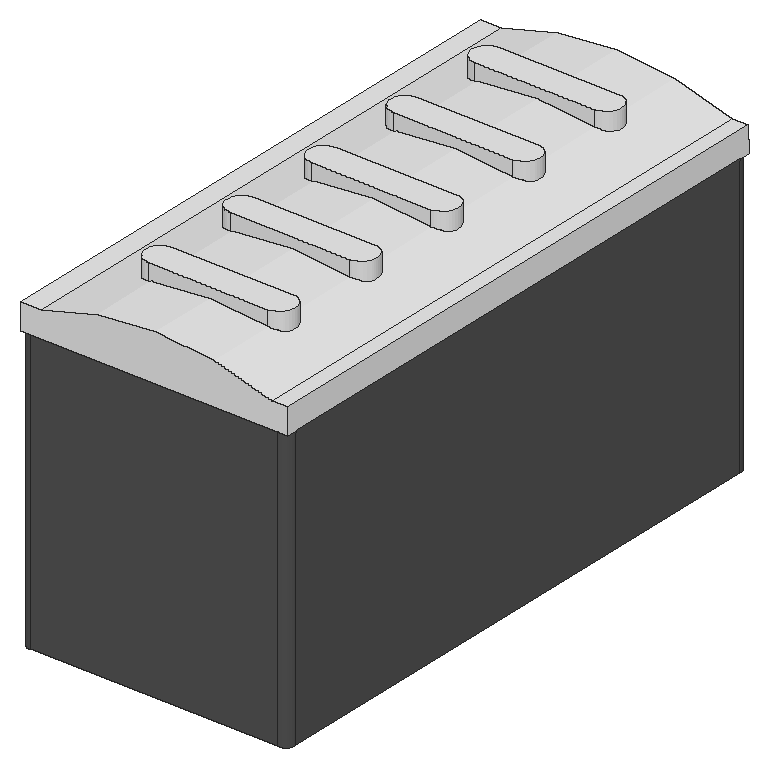
Revit family "Lighting_Device-Count_Down_Timer-Hubbell_Wiring-DT5030W", category Lighting Devices, host Face, Revit 2015
Parameters (values of type "DT-White")
  Voltage [instance] = if([120 Voltage], 120 V, 277 V)  # 120 V
  URL = "http://www.hubbell-wiring.com/"
  UPC Number = "783585256412"
  Type Comments = ""
  Time Delay = "5, 10, 20, 30 minutes\r"  # constant formula
  Product data url = "https://bimobject.com/hubbellwiring/product/hubbell-dt5030w"
  Product Page URL = "http://ecatalog.hubbell-wiring.com/productinformation/viewcatalog.aspx?Dest=hubbell-wiring.com/press/catalog/E.pdf&Page=6\r\nhttp://ecatalog.hubbell-wiring.com/productinformation/viewcatalog.aspx?Dest=hubbell-wiring.com/press/catalog/E.pdf&Page=6"
  Product Material = Plastic - Hubbell - White
  Product Documentation Link = "http://ecatalog.hubbell-wiring.com/productinformation/specsheets/3A/Live/PDF/DT5030W_cart.pdf"
  Power Factor = 1
  Operating Temperature = "32° – 104°F (0° – 40°C)\r"  # constant formula
  Number of Poles = 1
  Model = "DT5030W"
  Manufacturer = "Hubbell Wiring Device-Kellems"  # constant formula
  Load Classification = Lighting
  Keynote = ""
  Humidity = "0% to 95% relative humidity, non-condensing"  # constant formula
  Housing Material = Plastic - Hubbell - Black
  Frequency = 60 Hz
  Description = "Count Down Timer Wall Switch Timers"  # constant formula
  Default Elevation = 48.00"
  Connector Description 2 = "Controls"  # constant formula
  Connector Description 1 = "Power Supply"  # constant formula
  Certifications = "cULus listed to UL60730-1 and UL60730-2"  # constant formula
  Apparent Load [instance] = if([120 Voltage], 1000 VA, 1400 VA)  # 1000.000 VA
  277 Voltage [instance] = not([120 Voltage])  # no
  120 Voltage [instance] = yes
Types (3): name | UPC Number | Product Page URL | Product Material
  DT-White | "783585256412" | "http://ecatalog.hubbell-wiring.com/productinformation/viewcatalog.aspx?Dest=hubbell-wiring.com/press/catalog/E.pdf&Page=6\r\nhttp://ecatalog.hubbell-wiring.com/productinformation/viewcatalog.aspx?Dest=hubbell-wiring.com/press/catalog/E.pdf&Page=6" | Plastic - Hubbell - White
  DT-Ivory | "783585256405" | "http://ecatalog.hubbell-wiring.com/productinformation/viewcatalog.aspx?Dest=hubbell-wiring.com/press/catalog/E.pdf&Page=6" | Plastic - Hubbell - Ivory
  DT-Light Almond | "783585256399" | "http://ecatalog.hubbell-wiring.com/productinformation/viewcatalog.aspx?Dest=hubbell-wiring.com/press/catalog/E.pdf&Page=6" | Plastic - Hubbell - Light Almond
Reference planes (in)
  plane 1 "Center (Front/Back)": y = 0
  plane 2 "Bottom": z = 0
  plane 3 "Center (Left/Right)": x = 0
  plane 4: y = 1.41
  plane 5: y = -1.41
  plane 6: y = 1.075
  plane 7: x = -0.65625
  plane 8: x = 0.65625
  plane 9: z = 0.23
  plane 10: z = -1.38
  plane 11: z = 0.1275
  plane 12: y = 0.925
  plane 13: z = 0.28
Forms (in)
  Extrusion 1, void
    sketch origin (0, 0, 0.09375) x (0, -1, 0) y (1, 0, 0)
      loop
        line (1.41, 0.65625) -> (-1.41, 0.65625) -> (-1.41, -0.65625) -> (1.41, -0.65625) -> (1.41, 0.65625)
    from -1.47375 to -0.09375
  Extrusion 2, solid, material "Plastic - Hubbell - Black" <- "Housing Material"
    sketch origin (0, 0, 0) x (1, 0, 0) y (0, 1, 0)
      loop
        line (0.60625, 1.41) -> (-0.60625, 1.41)
        arc (-0.60625, 1.41) -> (-0.64161, 1.39536) -> (-0.65625, 1.36) r 0.05
        line (-0.65625, 1.36) -> (-0.65625, -1.36)
        arc (-0.65625, -1.36) -> (-0.64161, -1.39536) -> (-0.60625, -1.41) r 0.05
        line (-0.60625, -1.41) -> (0.60625, -1.41)
        arc (0.60625, -1.41) -> (0.64161, -1.39536) -> (0.65625, -1.36) r 0.05
        line (0.65625, -1.36) -> (0.65625, 1.36)
        arc (0.65625, 1.36) -> (0.64161, 1.39536) -> (0.60625, 1.41) r 0.05
    from 0 to -1.38
  Extrusion 3, solid, material "Plastic - Hubbell - White" <- "Product Material"
    sketch origin (0, 0, 0) x (1, 0, 0) y (0, 0, 1)
      loop
        line (-0.65625, 0.1275) -> (-0.65625, 0) -> (0.65625, 0) -> (0.65625, 0.1275) -> (0.57655, 0.1275)
        arc (0.57655, 0.1275) -> (0.01015, 0.23028) -> (-0.55625, 0.1275) r 1.61206
        line (-0.55625, 0.1275) -> (-0.65625, 0.1275)
    from -1.41 to 1.41
  Sweep 4, solid, material "Plastic - Hubbell - White" <- "Product Material"
    path origin (0, -0.03962, -0.06) x (0, 1, 0) y (0, 0, 1)
      loop
        line (0.96462, 0.1875) -> (0.96462, 0.34)
    profile origin (0, 0.925, 0.20375) x (0, -1, 0) y (1, 0, 0)
      loop
        arc (-0.15, -0.29468) -> (-0.075, -0.36968) -> (0, -0.29468) r 0.075
        line (0, -0.29468) -> (0, 0.29)
        arc (0, 0.29) -> (-0.075, 0.365) -> (-0.15, 0.29) r 0.075
        line (-0.15, 0.29) -> (-0.15, -0.29468)
      loop
        arc (0.35, -0.29468) -> (0.425, -0.36968) -> (0.5, -0.29468) r 0.075
        line (0.5, -0.29468) -> (0.5, 0.29)
        arc (0.5, 0.29) -> (0.425, 0.365) -> (0.35, 0.29) r 0.075
        line (0.35, 0.29) -> (0.35, -0.29468)
      loop
        arc (0.85, -0.29468) -> (0.925, -0.36968) -> (1, -0.29468) r 0.075
        line (1, -0.29468) -> (1, 0.29)
        arc (1, 0.29) -> (0.925, 0.365) -> (0.85, 0.29) r 0.075
        line (0.85, 0.29) -> (0.85, -0.29468)
      loop
        arc (1.35, -0.29468) -> (1.425, -0.36968) -> (1.5, -0.29468) r 0.075
        line (1.5, -0.29468) -> (1.5, 0.29)
        arc (1.5, 0.29) -> (1.425, 0.365) -> (1.35, 0.29) r 0.075
        line (1.35, 0.29) -> (1.35, -0.29468)
      loop
        arc (1.85, -0.29468) -> (1.925, -0.36968) -> (2, -0.29468) r 0.075
        line (2, -0.29468) -> (2, 0.29)
        arc (2, 0.29) -> (1.925, 0.365) -> (1.85, 0.29) r 0.075
        line (1.85, 0.29) -> (1.85, -0.29468)
Cuts and joins
  joined: Extrusion 3, Sweep 4
Lines and regions (in)
  reference lines
    curve 1: arc (0.57655, 0, 0.1275) -> (0.01015, 0, 0.23028) -> (-0.55625, 0, 0.1275) r 1.61206
    curve 2: line (-0.55625, 0, 0.1275) -> (-0.65625, 0, 0.1275)
    curve 3: line (-0.65625, 0, 0.1275) -> (-0.65625, 0, 0)
    curve 4: line (-0.65625, 0, 0) -> (0.65625, 0, 0)
    curve 5: line (0.65625, 0, 0) -> (0.65625, 0, 0.1275)
    curve 6: line (0.65625, 0, 0.1275) -> (0.57655, 0, 0.1275)
    curve 40: line (-0.36968, 0, 0.28) -> (-0.36968, 0, 0.01974)
    curve 41: line (0.365, 0, 0.28) -> (0.365, 0, 0.03)
  symbolic lines, style "Device"
    curve 7: line (-0.65625, 1.41, 0.09375) -> (0.65625, 1.41, 0.09375)
    curve 8: line (-0.65625, -1.41, 0.09375) -> (-0.65625, 1.41, 0.09375)
    curve 9: line (0.65625, -1.41, 0.09375) -> (-0.65625, -1.41, 0.09375)
    curve 10: line (0.65625, 1.41, 0.09375) -> (0.65625, -1.41, 0.09375)
    curve 31: line (-0.65625, 0, 0.1275) -> (-0.55625, 0, 0.1275)
    curve 32: line (-0.65625, 0, -1.38) -> (-0.65625, 0, 0.1275)
    curve 33: line (0.65625, 0, -1.38) -> (-0.65625, 0, -1.38)
    curve 34: line (0.65625, 0, 0.1275) -> (0.65625, 0, -1.38)
    curve 39: line (0.57655, 0, 0.1275) -> (0.65625, 0, 0.1275)
  symbolic lines, style "Device", detail levels medium+fine
    curve 11: arc (-0.29468, 1.075, 0.09375) -> (-0.36968, 1, 0.09375) -> (-0.29468, 0.925, 0.09375) r 0.075
    curve 12: line (-0.29468, 0.925, 0.09375) -> (0.29, 0.925, 0.09375)
    curve 13: arc (0.29, 0.925, 0.09375) -> (0.365, 1, 0.09375) -> (0.29, 1.075, 0.09375) r 0.075
    curve 14: line (0.29, 1.075, 0.09375) -> (-0.29468, 1.075, 0.09375)
    curve 15: arc (-0.29468, 0.575, 0.09375) -> (-0.36968, 0.5, 0.09375) -> (-0.29468, 0.425, 0.09375) r 0.075
    curve 16: line (-0.29468, 0.425, 0.09375) -> (0.29, 0.425, 0.09375)
    curve 17: arc (0.29, 0.425, 0.09375) -> (0.365, 0.5, 0.09375) -> (0.29, 0.575, 0.09375) r 0.075
    curve 18: line (0.29, 0.575, 0.09375) -> (-0.29468, 0.575, 0.09375)
    curve 19: line (0.29, 0.075, 0.09375) -> (-0.29468, 0.075, 0.09375)
    curve 20: arc (-0.29468, 0.075, 0.09375) -> (-0.36968, 0, 0.09375) -> (-0.29468, -0.075, 0.09375) r 0.075
    curve 21: line (-0.29468, -0.075, 0.09375) -> (0.29, -0.075, 0.09375)
    curve 22: arc (0.29, -0.075, 0.09375) -> (0.365, 0, 0.09375) -> (0.29, 0.075, 0.09375) r 0.075
    curve 23: line (0.29, -0.425, 0.09375) -> (-0.29468, -0.425, 0.09375)
    curve 24: arc (-0.29468, -0.425, 0.09375) -> (-0.36968, -0.5, 0.09375) -> (-0.29468, -0.575, 0.09375) r 0.075
    curve 25: line (-0.29468, -0.575, 0.09375) -> (0.29, -0.575, 0.09375)
    curve 26: arc (0.29, -0.575, 0.09375) -> (0.365, -0.5, 0.09375) -> (0.29, -0.425, 0.09375) r 0.075
    curve 27: line (0.29, -0.925, 0.09375) -> (-0.29468, -0.925, 0.09375)
    curve 28: arc (-0.29468, -0.925, 0.09375) -> (-0.36968, -1, 0.09375) -> (-0.29468, -1.075, 0.09375) r 0.075
    curve 29: line (-0.29468, -1.075, 0.09375) -> (0.29, -1.075, 0.09375)
    curve 30: arc (0.29, -1.075, 0.09375) -> (0.365, -1, 0.09375) -> (0.29, -0.925, 0.09375) r 0.075
  symbolic lines
    curve 35: arc (-0.55625, 0, 0.1275) -> (0.01015, 0, 0.23028) -> (0.57655, 0, 0.1275) r 1.61206
    curve 36: line (-0.36968, 0, 0.28) -> (0.365, 0, 0.28)
    curve 37: line (0.365, 0, 0.28) -> (0.365, 0, 0.19074)
    curve 38: line (-0.36968, 0, 0.28) -> (-0.36968, 0, 0.18489)
Dimensions and locks (in)
  plane 9 to level to plane 10 = 0.23", 1.38"
  locked: plane 6 to plane 12 at 0.15
  locked: plane 7 to plane 8 at 1.3125
  locked: plane 4 to plane 5 at 2.82
  locked: plane 4 to plane 6 at 0.335
  locked: plane 13 to plane 10 at 1.66
  locked: plane 11 to level at 0.1275
  locked: plane 7 to Sweep 4 sketch curve at 0.36157
  equal spacing: plane 7, plane 3 "Center (Left/Right)", plane 8, locked at 0.65625 each
  equal spacing: plane 4, plane 1 "Center (Front/Back)", plane 5
  radius of Extrusion 2 sketch curve = 0.05"  (x4)
  aligned and locked: plane 2 "Bottom" to host face
  aligned and locked: level to host face
  aligned and locked: plane 2 "Bottom" to Extrusion 1
  aligned and locked: Extrusion 2 to plane 10
  aligned and locked: plane 8 to Extrusion 2
  aligned and locked: plane 7 to Extrusion 2
  aligned and locked: level to Extrusion 2
  aligned and locked: plane 4 to Extrusion 1
  aligned and locked: Extrusion 1 to plane 5
  aligned and locked: plane 8 to Extrusion 1
  aligned and locked: plane 7 to Extrusion 1
  aligned and locked: plane 13 to Sweep 4 sketch curve
  aligned and locked: plane 11 to Sweep 4 sketch curve
  aligned and locked: Sweep 4 sketch curve to plane 12
  aligned and locked: Extrusion 3 sketch curve to curve 3
  aligned and locked: Extrusion 3 sketch curve to curve 4
  aligned and locked: Extrusion 3 sketch curve to curve 5
  aligned and locked: Extrusion 3 sketch curve to curve 6
  aligned and locked: Extrusion 3 sketch curve to curve 1
  aligned and locked: Extrusion 3 sketch curve to curve 2
  aligned and locked: plane 4 to Extrusion 2 sketch curve
  aligned and locked: curve 11 to cut or joined group of Extrusion 3, Sweep 4
  aligned and locked: curve 13 to cut or joined group of Extrusion 3, Sweep 4
  aligned and locked: curve 15 to cut or joined group of Extrusion 3, Sweep 4
  aligned and locked: curve 17 to cut or joined group of Extrusion 3, Sweep 4
  aligned and locked: curve 20 to cut or joined group of Extrusion 3, Sweep 4
  aligned and locked: curve 22 to cut or joined group of Extrusion 3, Sweep 4
  aligned and locked: curve 24 to cut or joined group of Extrusion 3, Sweep 4
  aligned and locked: curve 26 to cut or joined group of Extrusion 3, Sweep 4
  aligned and locked: curve 28 to cut or joined group of Extrusion 3, Sweep 4
  aligned and locked: curve 30 to cut or joined group of Extrusion 3, Sweep 4
  aligned and locked: plane 4 to Extrusion 3
  aligned and locked: Extrusion 3 to plane 5
  aligned and locked: Extrusion 1 to plane 10
  aligned and locked: curve 32 to plane 7
  aligned and locked: plane 10 to curve 33
  aligned and locked: curve 34 to plane 8
  aligned and locked: curve 31 to plane 11
  aligned and locked: curve 35 to cut or joined group of Extrusion 3, Sweep 4
  aligned and locked: curve 36 to plane 13
  aligned and locked: curve 38 to curve 40
  aligned and locked: curve 37 to curve 41
  aligned and locked: Extrusion 2 to plane 5
  aligned and locked: curve 8 to plane 7
  aligned and locked: curve 7 to plane 4
  aligned and locked: curve 10 to plane 8
  aligned and locked: plane 5 to curve 9
Automatic sketch dimensions
  host sketch curve to host sketch curve = 96.00"  (x2)
  Extrusion 1 sketch curve to plane 4 = 0.00"
  Extrusion 1 sketch curve to plane 5 = 0.00"
  Extrusion 1 sketch curve to plane 7 = 0.00"
  plane 8 to Extrusion 1 sketch curve = 0.00"
  plane 7 to Extrusion 2 sketch curve = 0.00"
  Extrusion 2 sketch curve to plane 5 = 0.00"
  plane 8 to Extrusion 2 sketch curve = 0.00"
  Sweep 4 sketch curve to profile plane = 0.00"
  profile plane to Sweep 4 sketch curve = 0.075"
  Sweep 4 sketch curve to profile plane = 0.35"
  Sweep 4 sketch curve to Sweep 4 sketch curve = 0.075"  (x4)
  Sweep 4 sketch curve to Sweep 4 sketch curve = 0.35"  (x3)
  Sweep 4 sketch curve to plane 3 "Center (Left/Right)" = 0.29468"  (x4)
  plane 3 "Center (Left/Right)" to Sweep 4 sketch curve = 0.29"  (x5)
  curve 35 to plane 11 = 0.00"
  curve 4 to level = 0.00"
  plane 7 to curve 4 = 0.00"
  curve 2 to plane 11 = 0.00"
  curve 40 to plane 13 = 0.00"
  curve 41 to plane 13 = 0.00"
  curve 6 to plane 11 = 0.00"
  curve 5 to plane 8 = 0.00"
  curve 2 to curve 2 = 0.10"
  curve 1 to curve 40 = 0.18657"
  curve 1 to plane 10 = 0.00178"
  plane 3 "Center (Left/Right)" to curve 1 = 0.01015"
  curve 41 to curve 6 = 0.21155"
  level to curve 40 = 0.01974"
  level to curve 41 = 0.03"
  curve 9 to plane 5 = 0.00"
Connectors (in)
  electrical at (0, 0, -1.38), driven by "Number of Poles", driven by "Load Classification", driven by "Apparent Load", driven by "Voltage", driven by "Power Factor", driven by "Connector Description 1"
    settings: on Extrusion 2, index 1, voltage 120 V, apparent load 1000.000 VA, apparent load phase1 0.000 VA, apparent load phase2 0.000 VA, apparent load phase3 0.000 VA, power factor 1, load classification "Lighting", number of poles 1, system type 30, power factor state 1, is connector primary yes, connector utility no, sub classification motor no, connector description "Power Supply"
  electrical at (0, 0, 0), driven by "Connector Description 2"
    settings: on cut or joined group of Extrusion 3, Sweep 4, index 2, voltage 0 V, apparent load 0.000 VA, apparent load phase1 0.000 VA, apparent load phase2 0.000 VA, apparent load phase3 0.000 VA, power factor 1, load classification "Other", number of poles 1, system type 13, power factor state 1, is connector primary no, connector utility no, sub classification motor no, connector description "Controls"
